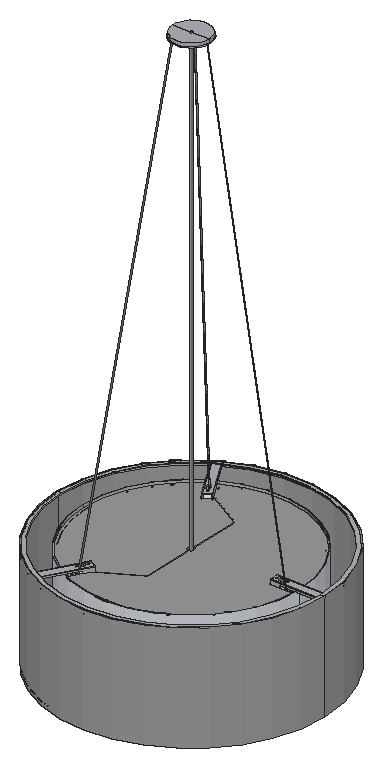
Revit family "Lighting - Lumetta - Pendant - P2042", category Lighting Fixtures, host Ceiling, Revit 2015
Parameters
  Wattage = 11.7117 W
  built-in parameter 1150110 = 1 (stored number, unit not read)
  URL = "https://lumetta.com/luminaires/shadow-drum-42-pendant/"
  Type Comments = ""
  built-in parameter 1114217 = 1 (stored number, unit not read)
  Top Lens-Material [instance] = Acrylic - 2447 - White
  Top Lens (Inner Core) [instance] = yes
  built-in parameter 1150109 = 1 (stored number, unit not read)
  built-in parameter 1150134 = (empty or 0)
  Suspension [instance] = 2
  built-in parameter 1150113 = 1 (stored number, unit not read)
  Stem Hung-ALL Lamping [instance] = Suspension = 3  # no
  P2048 URL [instance] = "https://lumetta.com/luminaires/shadow-drum-42-pendant/"
  Light Source Symbol Size = 0' - 1"
  Fixture Outer Drop [instance] = 6' - 0"
  Diffuser Outer Material [instance] = Glass, Matte
  1CRD-3CBL- LED-4 Wire [instance] = Suspension = 2  # yes
  Coupling-Stems Over 60 inches [instance] = and([Stem Hung-ALL Lamping], Fixture Outer Drop > 5' 0")  # no
  Model = "P2042"  # constant formula
  Manufacturer = "Lumetta, Inc."  # constant formula
  Lumens = 1300 lm
  built-in parameter 1150115 = 1 (stored number, unit not read)
  built-in parameter 1150105 = 103.45 (stored number, unit not read)
  built-in parameter 1150137 = (empty or 0)
  built-in parameter 1150139 = (empty or 0)
  built-in parameter 1150112 = 1 (stored number, unit not read)
  built-in parameter 1150114 = 1 (stored number, unit not read)
  built-in parameter 1150132 = 1
  built-in parameter 1150102 = (empty or 0)
  built-in parameter 1150138 = (empty or 0)
  built-in parameter 1150107 = 3000 (stored number, unit not read)
  built-in parameter 1150106 = 1.0345 (stored number, unit not read)
  Frame Finish [instance] = Paint - Lumetta - F02 - PC_Chrome
  built-in parameter 1150104 = 10.312 (stored number, unit not read)
  Dimming Lamp Color Temperature Shift = (empty or 0)
  Diffuser Inner Material [instance] = none
  Description = "Shadow Drum 42'' Pendant"  # constant formula
  Cord [instance] = or(Suspension = 1, Suspension = 2)  # yes
  Bottom Lens-Material [instance] = Acrylic - P95 - Etched White
  Bottom Lens (Inner Core) [instance] = yes
  3 Cables [instance] = or(Suspension = 1, Suspension = 2)  # yes
  1CRD-3CBL-STD and 2 or 3 Wire [instance] = Suspension = 1  # no
  Cord Color [instance] = Cord, Black
  Color Filter = 16777215
  built-in parameter 1114218 = 1 (stored number, unit not read)
  built-in parameter 1150133 = 10 (stored number, unit not read)
Reference planes (in)
  plane 1 "Light Source Axis (F/B)": y = 0
  plane 2 "Ceiling": z = 96
  plane 3 "Light Source Axis (L/R)": x = 0
  plane 4 "Light Source Elevation": z = 21
  plane 5 "Fixture- Inner Top": z = 23.5
  plane 6 "Fixture-Inner Radius": x = 17
  plane 7 "Fixture-Inner Height": z = 9.5
  plane 8: through (0, 0, 0) normal (-0.5, -0.866, 0)
  plane 9: y = 0
  plane 10: through (0, 0, 0) normal (0.5, -0.866, 0)
  plane 11 "Plane-120": through (-8.5, 14.7224319, 0) normal (0.5, -0.866, 0)
  plane 12 "Plane-240": through (-70.8538291, 21.2775681, 0) normal (0.5, 0.866, 0)
  plane 13: through (0, 0, 0) normal (-0.866, -0.5, 0)
  plane 14: through (0, 0, 0) normal (0.866, -0.5, 0)
  plane 15 "Fixture-Outer Radius": x = 21
  plane 16 "Fixture- Outer Top": z = 24
  plane 17 "Fixture-Outer Height": z = 7
  plane 18: x = 1.9375
Forms (in)
  Revolve 1, solid, material "Paint - Lumetta - F02 - PC_Chrome" <- "Frame Finish", visible <- "3 Cables"
    sketch origin (0, 0, 0) x (1, 0, 0) y (0, 0, 1)
      loop
        line (0, 95.4375) -> (3, 95.4375) -> (3, 95.5) -> (2.8750934, 95.5) -> (2.8750934, 96) -> (0, 96) -> (0, 95.4375)
      axis (0, 96) -> (0, 95.4375)
    angle from 0 to 360
  Extrusion 2, void
    sketch origin (0, 0, 95.4375) x (0, -1, 0) y (1, 0, 0)
      loop
        circle (0, 0) r 0.25
      loop
        circle (0, 2.5) r 0.0627408
      loop
        circle (-2.1650635, -1.25) r 0.0627408
      loop
        circle (2.1650635, -1.25) r 0.0627408
    from 0 to 0.0635795
  Revolve 3, solid, material "Paint - Lumetta - F02 - PC_Chrome" <- "Frame Finish"
    sketch origin (0, 0, 0) x (1, 0, 0) y (0, 0, 1)
      loop
        line (17, 23.5) -> (16.9375, 23.5) -> (16.9375, 23.0625) -> (16.5, 23.0625) -> (16.5, 23) -> (17, 23) -> (17, 23.5)
      loop
        line (17, 10) -> (16.9375, 10) -> (16.9375, 9.5625) -> (16.5, 9.5625) -> (16.5, 9.5) -> (17, 9.5) -> (17, 10)
      axis (0, 23.5) -> (0, 9.5)
    angle from 0 to 360
  Revolve 4, solid, material <- "Diffuser Inner Material"
    sketch origin (0, 0, 0) x (1, 0, 0) y (0, 0, 1)
      loop
        line (17, 23.5) -> (17, 9.4970886) -> (17.0624224, 9.4970886) -> (17.0624224, 23.5) -> (17, 23.5)
      axis (0, 23.5) -> (0, 9.4970886)
    angle from 0 to 360
  Extrusion 5, solid, material "Paint - Lumetta - F02 - PC_Chrome" <- "Frame Finish", visible <- "Stem Hung-ALL Lamping"
    sketch origin (0, 0, 23.5) x (0, -1, 0) y (-1, 0, 0)
      loop
        circle (0, 0) r 0.25
    from 0.625 to -72.5
  Revolve 6, solid, material "Paint - Lumetta - F02 - PC_Chrome" <- "Frame Finish", visible <- "Coupling-Stems Over 60 inches"
    sketch origin (0, 0, 0) x (1, 0, 0) y (0, 0, 1)
      loop
        line (0, 84.0302322) -> (0, 83.5) -> (0.2623307, 83.5)
        arc (0.2623307, 83.5) -> (0.3130741, 83.5507434) -> (0.2623307, 83.6014868) r 0.0507434
        arc (0.2623307, 83.6014868) -> (0.2930443, 83.7649885) -> (0.2624276, 83.9285084) r 0.4512637
        arc (0.2624276, 83.9285084) -> (0.3132895, 83.9793703) -> (0.2624276, 84.0302322) r 0.0508619
        line (0.2624276, 84.0302322) -> (0, 84.0302322)
      axis (0, 84.0302322) -> (0, 83.5)
    angle from 0 to 360
  Revolve 7, solid, material "Paint - Lumetta - F02 - PC_Chrome" <- "Frame Finish", visible <- "Stem Hung-ALL Lamping"
    sketch origin (0, 0, 0) x (1, 0, 0) y (0, 0, 1)
      loop
        line (0, 96) -> (0, 93.40625) -> (0.3498848, 93.40625)
        arc (0.3498848, 93.40625) -> (0.4912375, 93.5441655) -> (0.5811457, 93.72) r 0.6102618
        line (0.5811457, 93.72) -> (3, 93.72) -> (3, 93.78) -> (2.875, 93.78) -> (2.875, 96) -> (0, 96)
      axis (0, 96) -> (0, 93.40625)
    angle from 0 to 360
  Extrusion 8, solid, material "Cord, Black" <- "Cord Color", visible <- "Cord"
    sketch origin (0, 0, 23.5) x (0, -1, 0) y (1, 0, 0)
      loop
        circle (0, 0) r 0.1567371
    from -0.5625411 to 72.5
  Extrusion 9, solid, material "Paint - Lumetta - F02 - PC_Chrome" <- "Frame Finish"
    sketch origin (0, 0, 23.5) x (0, -1, 0) y (1, 0, 0)
      loop
        line (-1, 16.8510341) -> (-1, 15.25) -> (1, 15.25) -> (1, 16.8510341)
        arc (1, 16.8510341) -> (0, 16.8806798) -> (-1, 16.8510341) r 16.8806798
      loop
        circle (0, 15.75) r 0.1105076
      loop
        line (-14.0934237, -9.2915425) -> (-12.7068874, -8.4910254) -> (-13.7068874, -6.7589746) -> (-15.0934237, -7.5594917)
        arc (-15.0934237, -7.5594917) -> (-14.6190976, -8.4403399) -> (-14.0934237, -9.2915425) r 16.8806798
      loop
        circle (-13.6399001, -7.875) r 0.1105076
      loop
        line (15.0934237, -7.5594917) -> (13.7068874, -6.7589746) -> (12.7068874, -8.4910254) -> (14.0934237, -9.2915425)
        arc (14.0934237, -9.2915425) -> (14.6190976, -8.4403399) -> (15.0934237, -7.5594917) r 16.8806798
      loop
        circle (13.6399001, -7.875) r 0.1105076
    from -0.625 to -0.6855081
  Extrusion 10, solid, material "Paint - Lumetta - F11 - PC_White"
    sketch origin (0, 0, 23.5) x (0, -1, 0) y (1, 0, 0)
      loop
        circle (0, 15.75) r 0.1105076
      loop
        line (-0.8933306, 16.2329212) -> (-0.8933306, 14.702706) -> (-13.1795822, -6.577706) -> (-14.5047874, -7.3428136) -> (-13.6114568, -8.8901076) -> (-12.2862516, -8.125) -> (12.2862516, -8.125) -> (13.6114568, -8.8901076) -> (14.5047874, -7.3428136) -> (13.1795822, -6.577706) -> (0.8933306, 14.702706) -> (0.8933306, 16.2329212) -> (-0.8933306, 16.2329212)
      loop
        circle (0, 14.875) r 0.1579615
      loop
        line (9.9592921, -6.75) -> (10.8253175, -5.25) -> (0.8660254, 12) -> (-0.8660254, 12) -> (-10.8253175, -5.25) -> (-9.9592921, -6.75) -> (9.9592921, -6.75)
      loop
        circle (0, 13.5) r 0.1105076
      loop
        circle (-13.6399001, -7.875) r 0.1105076
      loop
        circle (-12.8821279, -7.4375) r 0.1579615
      loop
        circle (-11.691343, -6.75) r 0.1105076
      loop
        circle (13.6399001, -7.875) r 0.1105076
      loop
        circle (12.8821279, -7.4375) r 0.1579615
      loop
        circle (11.691343, -6.75) r 0.1105076
    from -0.7702805 to -0.6855081
  Extrusion 11, solid, material "Acrylic - P95 - Etched White" <- "Bottom Lens-Material", visible <- "Bottom Lens (Inner Core)"
    sketch origin (0, 0, 9.5) x (0, -1, 0) y (1, 0, 0)
      loop
        circle (0, 0) r 16.84375
    from 0.0625 to 0.1967785
  Revolve 12, solid, material "Paint - Lumetta - F02 - PC_Chrome" <- "Frame Finish"
    sketch origin (0, 0, 0) x (1, 0, 0) y (0, 0, 1)
      loop
        line (21, 24) -> (20.375, 24) -> (20.375, 23.875) -> (20.875, 23.875) -> (20.875, 23.375) -> (21, 23.375) -> (21, 24)
      loop
        line (21, 7) -> (21, 7.625) -> (20.875, 7.625) -> (20.875, 7.125) -> (20.375, 7.125) -> (20.375, 7) -> (21, 7)
      axis (0, 24) -> (0, 7)
    angle from 0 to 360
  Revolve 13, solid, material "Glass, Matte" <- "Diffuser Outer Material"
    sketch origin (0, 0, 0) x (1, 0, 0) y (0, 0, 1)
      loop
        line (21, 24) -> (21, 7) -> (21.0331344, 7) -> (21.0331344, 24) -> (21, 24)
      axis (0, 7) -> (0, 24)
    angle from 0 to 360
  Extrusion 14, solid, material "Paint - Lumetta - F02 - PC_Chrome" <- "Frame Finish"
    sketch origin (0, 0, 24) x (-1, 0, 0) y (0, -1, 0)
      loop
        line (-13, -0.6875) -> (-13, 0.6875) -> (-20.875, 0.6875) -> (-20.875, -0.6875) -> (-13, -0.6875)
      loop
        circle (-13.5, 0) r 0.125
      loop
        arc (-15.05013, 0.2129285) -> (-15.2187456, 0.001395) -> (-15.0528417, -0.2122718) r 0.21875
        line (-15.0528417, -0.2122718) -> (-14.3395275, -0.3802272)
        arc (-14.3395275, -0.3802272) -> (-13.8593751, 0.000321) -> (-14.3401523, 0.3800795) r 0.390625
        line (-14.3401523, 0.3800795) -> (-15.05013, 0.2129285)
      loop
        line (7.0953925, -10.9145802) -> (5.9046075, -11.6020802) -> (9.8421075, -18.4220303) -> (11.0328925, -17.7345303) -> (7.0953925, -10.9145802)
      loop
        circle (6.75, -11.691343) r 0.125
      loop
        arc (7.3406635, -13.1402592) -> (7.6081647, -13.1805178) -> (7.7102536, -12.9300074) r 0.21875
        line (7.7102536, -12.9300074) -> (7.4990501, -12.2282815)
        arc (7.4990501, -12.2282815) -> (6.9294095, -12.0027315) -> (6.8409176, -12.608976) r 0.390625
        line (6.8409176, -12.608976) -> (7.3406635, -13.1402592)
      loop
        line (5.9046075, 11.6020802) -> (7.0953925, 10.9145802) -> (11.0328925, 17.7345303) -> (9.8421075, 18.4220303) -> (5.9046075, 11.6020802)
      loop
        circle (6.75, 11.691343) r 0.125
      loop
        arc (7.7094665, 12.9273307) -> (7.6105809, 13.1791228) -> (7.3425881, 13.1422792) r 0.21875
        line (7.3425881, 13.1422792) -> (6.8404773, 12.6085087)
        arc (6.8404773, 12.6085087) -> (6.9299656, 12.0024104) -> (7.4992347, 12.2288964) r 0.390625
        line (7.4992347, 12.2288964) -> (7.7094665, 12.9273307)
    from -0.1999185 to -0.125
  Sweep 15, solid, material "Steel, Galvanized", visible <- "3 Cables"
    path origin (0, 0, 0) x (-0.5, 0.866025, 0) y (0, 0, 1)
      loop
        line (2.5, 95.5010795) -> (14.875, 22.8144919)
    profile origin (-4.34375, 7.5235957, 59.1577857) x (-0.492907, 0.853741, 0.167836) y (0.866025, 0.5, 0)
      loop
        circle (0, 0) r 0.0308309
  Sweep 16, solid, material "Steel, Galvanized", visible <- "3 Cables"
    path origin (0, 0, 0) x (-0.5, -0.866025, 0) y (0, 0, 1)
      loop
        line (2.5, 95.5010795) -> (14.875, 22.8144919)
    profile origin (-4.34375, -7.5235957, 59.1577857) x (-0.492907, -0.853741, 0.167836) y (-0.866025, 0.5, 0)
      loop
        circle (0, 0) r 0.0308309
  Revolve 17, solid, material "Paint - Lumetta - F02 - PC_Chrome" <- "Frame Finish", visible <- "Stem Hung-ALL Lamping"
    sketch origin (0, 0, 0) x (1, 0, 0) y (0, 0, 1)
      loop
        arc (1.9375, 93.3381775) -> (2.1340817, 93.4923308) -> (2.03125, 93.72) r 0.2024206
        line (2.03125, 93.72) -> (1.9375, 93.72) -> (1.9375, 93.3381775)
      axis (1.9375, 93.72) -> (1.9375, 93.3381775)
    angle from 0 to 360
  Revolve 18, solid, material "Paint - Lumetta - F02 - PC_Chrome" <- "Frame Finish", visible <- "Stem Hung-ALL Lamping"
    sketch origin (0, 0, 0) x (-1, 0, 0) y (0, 0, 1)
      loop
        arc (1.9375, 93.3381775) -> (2.1340817, 93.4923308) -> (2.03125, 93.72) r 0.2024206
        line (2.03125, 93.72) -> (1.9375, 93.72) -> (1.9375, 93.3381775)
      axis (1.9375, 93.72) -> (1.9375, 93.3381775)
    angle from 0 to 360
  Revolve 19, solid, material "Paint - Lumetta - F02 - PC_Chrome" <- "Frame Finish", visible <- "1CRD-3CBL- LED-4 Wire"
    sketch origin (0, 0, 1.7175) x (1, 0, 0) y (0, 0, 1)
      loop
        arc (1.9375, 93.3381775) -> (2.1340817, 93.4923308) -> (2.03125, 93.72) r 0.2024206
        line (2.03125, 93.72) -> (1.9375, 93.72) -> (1.9375, 93.3381775)
      axis (1.9375, 93.72) -> (1.9375, 93.3381775)
    angle from 0 to 360
  Revolve 20, solid, material "Paint - Lumetta - F02 - PC_Chrome" <- "Frame Finish", visible <- "1CRD-3CBL- LED-4 Wire"
    sketch origin (0, 0, 1.7175) x (-1, 0, 0) y (0, 0, 1)
      loop
        arc (1.9375, 93.3381775) -> (2.1340817, 93.4923308) -> (2.03125, 93.72) r 0.2024206
        line (2.03125, 93.72) -> (1.9375, 93.72) -> (1.9375, 93.3381775)
      axis (1.9375, 93.72) -> (1.9375, 93.3381775)
    angle from 0 to 360
  Revolve 21, solid, material "Paint - Lumetta - F02 - PC_Chrome" <- "Frame Finish", visible <- "1CRD-3CBL- LED-4 Wire"
    sketch origin (0, 0, 0) x (1, 0, 0) y (0, 0, 1)
      loop
        line (0, 95.4375) -> (0, 95.311234) -> (0.375, 95.311234) -> (0.375, 95.4375) -> (0, 95.4375)
      axis (0, 95.4375) -> (0, 95.311234)
    angle from 0 to 360
  Revolve 22, solid, material "Paint - Lumetta - F02 - PC_Chrome" <- "Frame Finish", visible <- "1CRD-3CBL-STD and 2 or 3 Wire"
    sketch origin (0, 0, 0) x (1, 0, 0) y (0, 0, 1)
      loop
        line (0, 95.4375) -> (0, 94.9375) -> (0.2830918, 94.9375) -> (0.375, 95.4375) -> (0, 95.4375)
      axis (0, 95.4375) -> (0, 94.9375)
    angle from 0 to 360
  Extrusion 23, solid, material "Paint - Lumetta - F02 - PC_Chrome" <- "Frame Finish"
    sketch origin (0, 0, 23.5) x (0, -1, 0) y (1, 0, 0)
      loop
        line (-0.6875, 13) -> (-0.625, 13) -> (-0.625, 20.8673672) -> (-0.6875, 20.8673672) -> (-0.6875, 13)
      loop
        line (0.6875, 13) -> (0.6875, 20.8673672) -> (0.625, 20.8673672) -> (0.625, 13) -> (0.6875, 13)
      loop
        line (-10.9145802, -7.0953925) -> (-10.9458302, -7.0412659) -> (-17.7591701, -10.9749495) -> (-17.7279201, -11.0290761) -> (-10.9145802, -7.0953925)
      loop
        line (-11.6020802, -5.9046075) -> (-18.4154201, -9.8382911) -> (-18.3841701, -9.8924177) -> (-11.5708302, -5.9587341) -> (-11.6020802, -5.9046075)
      loop
        line (11.6020802, -5.9046075) -> (11.5708302, -5.9587341) -> (18.3841701, -9.8924177) -> (18.4154201, -9.8382911) -> (11.6020802, -5.9046075)
      loop
        line (10.9145802, -7.0953925) -> (17.7279201, -11.0290761) -> (17.7591701, -10.9749495) -> (10.9458302, -7.0412659) -> (10.9145802, -7.0953925)
    from 0 to 0.375
  Extrusion 24, solid, material "Paint - Lumetta - F02 - PC_Chrome" <- "Frame Finish"
    sketch origin (0, 0, 23.5) x (0, -1, 0) y (1, 0, 0)
      loop
        line (-0.6875, 13) -> (-0.625, 13) -> (-0.625, 14.5) -> (-0.6875, 14.5) -> (-0.6875, 13)
      loop
        line (0.6875, 13) -> (0.6875, 14.5) -> (0.625, 14.5) -> (0.625, 13) -> (0.6875, 13)
      loop
        line (-10.9145802, -7.0953925) -> (-10.9458302, -7.0412659) -> (-12.2448684, -7.7912659) -> (-12.2136184, -7.8453925) -> (-10.9145802, -7.0953925)
      loop
        line (-11.6020802, -5.9046075) -> (-12.9011184, -6.6546075) -> (-12.8698684, -6.7087341) -> (-11.5708302, -5.9587341) -> (-11.6020802, -5.9046075)
      loop
        line (11.6020802, -5.9046075) -> (11.5708302, -5.9587341) -> (12.8698684, -6.7087341) -> (12.9011184, -6.6546075) -> (11.6020802, -5.9046075)
      loop
        line (10.9145802, -7.0953925) -> (12.2136184, -7.8453925) -> (12.2448684, -7.7912659) -> (10.9458302, -7.0412659) -> (10.9145802, -7.0953925)
    from -0.625 to 0
  Sweep 25, solid, material "Steel, Galvanized", visible <- "3 Cables"
    path origin (0, 0, 0) x (1, 0, 0) y (0, 0, 1)
      loop
        line (2.5, 95.5010795) -> (14.875, 22.8144919)
    profile origin (8.6875, 0, 59.1577857) x (0.985815, 0, 0.167836) y (0, -1, 0)
      loop
        circle (0, 0) r 0.0308309
  Extrusion 26, solid, material "Paint - Lumetta - F11 - PC_White"
    sketch origin (0, 0, 23.5) x (0, -1, 0) y (1, 0, 0)
      loop
        circle (0, 0) r 0.2816644
      loop
        line (-10.1036297, -1.25) -> (10.1036297, -1.25) -> (8.660254, 1.25) -> (-8.660254, 1.25) -> (-10.1036297, -1.25)
    from -0.7702805 to -0.6855081
  Extrusion 27, solid, material "Acrylic - 2447 - White" <- "Top Lens-Material", visible <- "Top Lens (Inner Core)"
    sketch origin (0, 0, 23.5) x (0, -1, 0) y (1, 0, 0)
      loop
        line (-12.0915433, -6.1150304) -> (-8.5249445, 0.0625) -> (-0.4960784, 0.0625)
        arc (-0.4960784, 0.0625) -> (0, 0.5) -> (0.4960784, 0.0625) r 0.5
        line (0.4960784, 0.0625) -> (8.5249445, 0.0625) -> (12.0915433, -6.1150304) -> (14.8126141, -7.6860414)
        arc (14.8126141, -7.6860414) -> (14.9290967, -7.6997843) -> (15.0191913, -7.6246841) r 0.1484375
        arc (15.0191913, -7.6246841) -> (14.5871154, 8.421875) -> (0.9064255, 16.8193432) r 16.84375
        arc (0.9064255, 16.8193432) -> (0.7963396, 16.7788692) -> (0.75, 16.6711208) r 0.1484375
        line (0.75, 16.6711208) -> (0.75, 13.0546875)
        arc (0.75, 13.0546875) -> (0.7065237, 12.9497263) -> (0.6015625, 12.90625) r 0.1484375
        line (0.6015625, 12.90625) -> (-0.6015625, 12.90625)
        arc (-0.6015625, 12.90625) -> (-0.7065237, 12.9497263) -> (-0.75, 13.0546875) r 0.1484375
        line (-0.75, 13.0546875) -> (-0.75, 16.6711208)
        arc (-0.75, 16.6711208) -> (-0.7963396, 16.7788692) -> (-0.9064255, 16.8193432) r 0.1484375
        arc (-0.9064255, 16.8193432) -> (-14.5871154, 8.421875) -> (-15.0191913, -7.6246841) r 16.84375
        arc (-15.0191913, -7.6246841) -> (-14.9290967, -7.6997843) -> (-14.8126141, -7.6860414) r 0.1484375
        line (-14.8126141, -7.6860414) -> (-12.0915433, -6.1150304)
      loop
        line (-11.6597726, -5.6171815) -> (-10.8763591, -6.9740934)
        arc (-10.8763591, -6.9740934) -> (-10.8615301, -7.0867306) -> (-10.930691, -7.1768628) r 0.1484375
        line (-10.930691, -7.1768628) -> (-14.0626141, -8.9850795)
        arc (-14.0626141, -8.9850795) -> (-14.1327572, -9.0790849) -> (-14.1127658, -9.1946591) r 0.1484375
        arc (-14.1127658, -9.1946591) -> (0, -16.84375) -> (14.1127658, -9.1946591) r 16.84375
        arc (14.1127658, -9.1946591) -> (14.1327572, -9.0790849) -> (14.0626141, -8.9850795) r 0.1484375
        line (14.0626141, -8.9850795) -> (10.930691, -7.1768628)
        arc (10.930691, -7.1768628) -> (10.8615301, -7.0867306) -> (10.8763591, -6.9740934) r 0.1484375
        line (10.8763591, -6.9740934) -> (11.6597726, -5.6171815) -> (8.4527757, -0.0625) -> (0.4960784, -0.0625)
        arc (0.4960784, -0.0625) -> (0, -0.5) -> (-0.4960784, -0.0625) r 0.5
        line (-0.4960784, -0.0625) -> (-8.4527757, -0.0625) -> (-11.6597726, -5.6171815)
    from -0.4375 to -0.3013251
Cuts and joins
  joined: Extrusion 23, Extrusion 24
  joined: Extrusion 10, Extrusion 26
Dimensions and locks (in)
  equal spacing: host sketch curve, plane 3 "Light Source Axis (L/R)", host sketch curve
  equal spacing: host sketch curve, plane 1 "Light Source Axis (F/B)", host sketch curve
  host sketch curve to host sketch curve = 10' - 0"  (x2)
  locked: plane 5 "Fixture- Inner Top" to plane 4 "Light Source Elevation" at 2.5
  locked: plane 6 "Fixture-Inner Radius" to plane 3 "Light Source Axis (L/R)" at 17
  locked: plane 5 "Fixture- Inner Top" to plane 7 "Fixture-Inner Height" at 14
  locked: Revolve 1 sketch curve to plane 3 "Light Source Axis (L/R)" at 2.8750934
  locked: Revolve 1 sketch curve to plane 3 "Light Source Axis (L/R)" at 3
  locked: Extrusion 2 sketch curve to Extrusion 2 sketch curve at 2.5
  locked: plane 6 "Fixture-Inner Radius" to Revolve 3 sketch curve at 0.0625
  locked: Revolve 4 sketch curve to plane 6 "Fixture-Inner Radius" at 0.0624224
  Revolve 3 to Revolve 4 = 0' - 0.06541"
  locked: Extrusion 5 sketch curve to imposter light
  locked: Extrusion 5 sketch curve to imposter light at 0
  Revolve 6 sketch curve to Revolve 6 sketch curve = 0' - 0.15822"
  locked: Revolve 6 sketch curve to Revolve 4 at 60
  locked: Revolve 6 sketch curve to Revolve 6 sketch curve at 0.5302322
  locked: Revolve 6 sketch curve to Revolve 6 sketch curve at 0.2624276
  locked: Revolve 6 sketch curve to Revolve 6 sketch curve at 0.2623307
  locked: Revolve 6 sketch curve to Revolve 6 sketch curve at 0.0507434
  locked: Revolve 6 sketch curve to Revolve 6 sketch curve at 0.4793703
  locked: Revolve 6 sketch curve to Revolve 6 sketch curve at 0.2651223
  locked: Revolve 7 sketch curve to Revolve 7 sketch curve at 2.875
  locked: Revolve 7 sketch curve to Revolve 7 sketch curve at 0.31375
  Revolve 3 sketch curve to plane 7 "Fixture-Inner Height" = 0' - 0 1/2"
  plane 6 "Fixture-Inner Radius" to Revolve 3 sketch curve = 0' - 0 1/16"
  locked: plane 6 "Fixture-Inner Radius" to Revolve 3 sketch curve at 0.5
  locked: Revolve 1 sketch curve to Revolve 1 sketch curve at 0.0625
  locked: host ceiling to Revolve 1 sketch curve at 0.5625
  locked: Revolve 1 sketch curve to Revolve 1 sketch curve at 0.5625
  locked: Revolve 1 sketch curve to Revolve 1 sketch curve at 3
  Revolve 1 sketch curve to Revolve 1 sketch curve = 0' - 2.87509"
  Extrusion 9 sketch curve to plane 6 "Fixture-Inner Radius" = 0' - 1 3/4"
  locked: plane 10 to plane 11 "Plane-120" at 17
  locked: plane 12 "Plane-240" to plane 8 at 17
  locked: plane 10 to Extrusion 2 sketch curve at 2.5
  locked: Extrusion 2 sketch curve to plane 8 at 2.5
  locked: Extrusion 10 sketch curve to Extrusion 10 sketch curve at 1.375
  Extrusion 11 to plane 7 "Fixture-Inner Height" = 0' - 0.19678"
  locked: plane 15 "Fixture-Outer Radius" to plane 3 "Light Source Axis (L/R)" at 21
  "Fixture Outer Drop": plane 2 "Ceiling" to plane 16 "Fixture- Outer Top"
  locked: plane 16 "Fixture- Outer Top" to plane 5 "Fixture- Inner Top" at 0.5
  locked: plane 16 "Fixture- Outer Top" to plane 17 "Fixture-Outer Height" at 17
  locked: Revolve 12 sketch curve to plane 17 "Fixture-Outer Height" at 0
  locked: Revolve 12 sketch curve to plane 15 "Fixture-Outer Radius" at 0  (x2)
  locked: Revolve 12 sketch curve to Revolve 12 sketch curve at 0.125  (x4)
  locked: plane 15 "Fixture-Outer Radius" to Revolve 12 sketch curve at 0.625
  locked: Revolve 13 sketch curve to plane 15 "Fixture-Outer Radius" at 0
  locked: plane 15 "Fixture-Outer Radius" to Revolve 13 sketch curve at 0.0331344
  locked: Revolve 13 sketch curve to plane 16 "Fixture- Outer Top" at 0
  locked: Revolve 13 sketch curve to plane 17 "Fixture-Outer Height" at 0
  locked: Revolve 12 sketch curve to Revolve 13 at 0.625
  locked: Revolve 13 to plane 16 "Fixture- Outer Top" at 0
  locked: Revolve 12 sketch curve to Revolve 12 sketch curve at 0.625  (x2)
  locked: Extrusion 10 to Extrusion 10 at 0.0847724
  locked: Extrusion 14 sketch curve to Extrusion 14 sketch curve at 1.375  (x3)
  equal spacing: Extrusion 14 sketch curve, plane 9, Extrusion 14 sketch curve, locked at 0.6875 each
  Extrusion 14 sketch curve to plane 15 "Fixture-Outer Radius" = 0' - 0 1/8"
  Extrusion 14 sketch curve to Extrusion 14 sketch curve = 0' - 7 7/8"
  Extrusion 14 sketch curve to plane 9 = 0' - 0"
  Extrusion 14 sketch curve to Extrusion 14 sketch curve = 0' - 0 1/2"
  equal spacing: Extrusion 10 sketch curve, plane 9, Extrusion 10 sketch curve
  locked: Extrusion 14 sketch curve to Extrusion 14 sketch curve at 0.75  (x3)
  equal spacing: Extrusion 9 sketch curve, plane 9, Extrusion 9 sketch curve
  locked: Extrusion 9 sketch curve to plane 6 "Fixture-Inner Radius" at 1.75
  locked: Extrusion 9 sketch curve to Extrusion 9 sketch curve at 0.5  (x3)
  locked: plane 3 "Light Source Axis (L/R)" to Extrusion 9 sketch curve
  locked: plane 16 "Fixture- Outer Top" to Extrusion 14 at 0.1999185
  Revolve 7 to Revolve 17 sketch curve = 0' - 0"
  locked: Revolve 1 to Revolve 22 sketch curve at 0.5
  locked: Revolve 22 sketch curve to Revolve 22 sketch curve at 0.278427
  locked: Revolve 22 sketch curve to plane 3 "Light Source Axis (L/R)" at 0.375
  locked: Extrusion 23 to plane 5 "Fixture- Inner Top" at 0.375
  locked: Extrusion 14 to Extrusion 23 sketch curve  (x2)
  locked: Extrusion 23 sketch curve to Extrusion 14 at 0.0076328  (x2)
  Extrusion 23 to Extrusion 24 sketch curve = 0' - 1 1/2"
  locked: Extrusion 23 to Extrusion 24 sketch curve at 1.5
  Extrusion 10 sketch curve to plane 3 "Light Source Axis (L/R)" = 0' - 6 3/4"
  plane 8 to Extrusion 10 sketch curve = 0' - 6 3/4"
  plane 10 to Extrusion 10 sketch curve = 0' - 6 3/4"
  plane 3 "Light Source Axis (L/R)" to Extrusion 10 sketch curve = 1' - 0"
  Extrusion 10 sketch curve to Extrusion 10 sketch curve = 0' - 1.78666"
  Extrusion 14 sketch curve to Extrusion 14 sketch curve = 0' - 1 3/8"
  Extrusion 9 sketch curve to Extrusion 9 sketch curve = 0' - 2"
  locked: Extrusion 26 sketch curve to plane 3 "Light Source Axis (L/R)" at 1.25
  locked: plane 3 "Light Source Axis (L/R)" to Extrusion 26 sketch curve at 1.25
  locked: Extrusion 10 to Extrusion 10 at 1.375
  Extrusion 10 to Extrusion 26 sketch curve = 0' - 1 3/8"
  locked: plane 5 "Fixture- Inner Top" to Revolve 3 sketch curve at 0.5
  locked: Extrusion 11 to Revolve 3 at 0.1342785
  locked: Extrusion 27 sketch curve to Extrusion 27 sketch curve at 0.125  (x2)
  plane 8 to Extrusion 27 sketch curve = 0' - 7 53/128"
  Extrusion 27 sketch curve to plane 3 "Light Source Axis (L/R)" = 0' - 0 1/16"
  plane 3 "Light Source Axis (L/R)" to Extrusion 27 sketch curve = 0' - 0 1/16"
  equal spacing: Extrusion 27 sketch curve, plane 9, Extrusion 27 sketch curve, locked at 0.75 each
  Extrusion 27 sketch curve to plane 6 "Fixture-Inner Radius" = 0' - 4 3/32"
  Extrusion 27 sketch curve to Extrusion 27 sketch curve = 0' - 1 1/2"
  locked: Extrusion 27 to Revolve 3 at 0.1361749
  locked: Extrusion 11 sketch curve to Extrusion 11 sketch curve (radius 1' - 4 27/32")
  aligned and locked: plane 3 "Light Source Axis (L/R)" to imposter light
  aligned and locked: plane 1 "Light Source Axis (F/B)" to imposter light
  aligned and locked: plane 4 "Light Source Elevation" to imposter light
  aligned and locked: Revolve 4 sketch curve to plane 3 "Light Source Axis (L/R)"
  aligned and locked: Revolve 6 sketch curve to Revolve 6 sketch curve  (x2)
  aligned and locked: host ceiling to Extrusion 5
  aligned and locked: Extrusion 10 to Extrusion 9
  aligned and locked: host ceiling to Extrusion 8
  aligned and locked: Revolve 12 sketch curve to plane 3 "Light Source Axis (L/R)"
  aligned and locked: Revolve 13 sketch curve to plane 3 "Light Source Axis (L/R)"
  aligned and locked: Extrusion 14 to Revolve 12
  aligned and locked: Revolve 17 sketch curve to plane 18
  aligned and locked: plane 5 "Fixture- Inner Top" to Extrusion 23
  aligned and locked: Extrusion 24 to plane 5 "Fixture- Inner Top"
  aligned and locked: Extrusion 10 to Extrusion 26  (x2)
  aligned and locked: Extrusion 11 to Revolve 3
  aligned and locked: Extrusion 27 to Revolve 3
Automatic sketch dimensions
  Revolve 7 sketch curve to plane 3 "Light Source Axis (L/R)" = 0' - 0"  (x3)
  Revolve 7 sketch curve to plane 2 "Ceiling" = 0' - 0"
  plane 3 "Light Source Axis (L/R)" to Revolve 7 sketch curve = 0' - 0.34988"
  Revolve 7 sketch curve to Revolve 7 sketch curve = 0' - 0.23126"
  Revolve 7 sketch curve to Revolve 7 sketch curve = 0' - 0 1/8"
  Revolve 7 sketch curve to plane 2 "Ceiling" = 0' - 2 3/32"
  Revolve 7 sketch curve to Revolve 7 sketch curve = 0' - 0.06"
  plane 2 "Ceiling" to Revolve 7 sketch curve = 0' - 1 3/4"
  Revolve 7 sketch curve to Revolve 7 sketch curve = 0' - 2 1/2"
  plane 1 "Light Source Axis (F/B)" to Extrusion 8 sketch curve = 0' - 0"
  Extrusion 8 sketch curve to plane 3 "Light Source Axis (L/R)" = 0' - 0"
  plane 1 "Light Source Axis (F/B)" to Extrusion 11 sketch curve = 0' - 0"
  Extrusion 11 sketch curve to plane 3 "Light Source Axis (L/R)" = 0' - 0"
  Revolve 13 sketch curve to plane 17 "Fixture-Outer Height" = 0' - 1 1/2"
  Revolve 13 sketch curve to level = 1' - 0"
  Revolve 17 sketch curve to plane 18 = 0' - 0"
  plane 18 to Revolve 17 sketch curve = 0' - 0 3/32"
  Revolve 17 sketch curve to Revolve 17 sketch curve = 0' - 0.1794"
  Revolve 17 sketch curve to Revolve 17 sketch curve = 0' - 0.90349"
  plane 2 "Ceiling" to Revolve 17 sketch curve = 0' - 0.68468"
  plane 3 "Light Source Axis (L/R)" to Revolve 18 sketch curve = 0' - 1 15/16"
  Revolve 18 sketch curve to Revolve 18 sketch curve = 0' - 0 3/32"
  plane 2 "Ceiling" to Revolve 18 sketch curve = 0' - 2.66182"
  Revolve 18 sketch curve to Revolve 18 sketch curve = 0' - 0.20242"
  Revolve 18 sketch curve to Revolve 18 sketch curve = 0' - 0"
  Revolve 18 sketch curve to Revolve 18 sketch curve = 0' - 0.90349"
  Revolve 18 sketch curve to plane 2 "Ceiling" = 0' - 0.68468"
  Revolve 19 sketch curve to plane 18 = 0' - 0"  (x2)
  plane 18 to Revolve 19 sketch curve = 0' - 0 3/32"
  Revolve 19 sketch curve to plane 2 "Ceiling" = 0' - 0.94432"
  Revolve 19 sketch curve to Revolve 19 sketch curve = 0' - 0.20242"
  Revolve 19 sketch curve to Revolve 19 sketch curve = 0' - 0.90349"
  plane 2 "Ceiling" to Revolve 19 sketch curve = 0' - 2.40218"
  plane 2 "Ceiling" to Revolve 20 sketch curve = 0' - 0.7419"
  plane 3 "Light Source Axis (L/R)" to Revolve 20 sketch curve = 0' - 1 15/16"
  Revolve 20 sketch curve to Revolve 20 sketch curve = 0' - 0 3/32"
  Revolve 20 sketch curve to Revolve 20 sketch curve = 0' - 0.20242"
  Revolve 20 sketch curve to Revolve 20 sketch curve = 0' - 0"
  Revolve 20 sketch curve to Revolve 20 sketch curve = 0' - 0.90349"
  Revolve 20 sketch curve to plane 2 "Ceiling" = 0' - 2.40218"
  Revolve 21 sketch curve to plane 3 "Light Source Axis (L/R)" = 0' - 0"  (x2)
  plane 3 "Light Source Axis (L/R)" to Revolve 21 sketch curve = 0' - 0 3/8"
  Revolve 21 sketch curve to plane 2 "Ceiling" = 0' - 0.68877"
  Revolve 21 sketch curve to Revolve 21 sketch curve = 0' - 0.12627"
  Revolve 21 sketch curve to Revolve 21 sketch curve = 0' - 0.21888"
  Revolve 21 sketch curve to plane 2 "Ceiling" = 0' - 0.22322"
  plane 1 "Light Source Axis (F/B)" to Extrusion 14 sketch curve = 0' - 0"  (x2)
  Extrusion 14 sketch curve to plane 14 = 0' - 0"  (x3)
  Extrusion 14 sketch curve to plane 13 = 0' - 0"  (x3)
  Extrusion 14 sketch curve to plane 1 "Light Source Axis (F/B)" = 0' - 0.21227"
  Extrusion 14 sketch curve to Extrusion 14 sketch curve = 0' - 1.55284"
  plane 1 "Light Source Axis (F/B)" to Extrusion 14 sketch curve = 0' - 0.21293"
  Extrusion 14 sketch curve to Extrusion 14 sketch curve = 0' - 0.00271"
  plane 1 "Light Source Axis (F/B)" to Extrusion 14 sketch curve = 0' - 0.38008"
  Extrusion 14 sketch curve to Extrusion 14 sketch curve = 0' - 0.09015"
  Extrusion 14 sketch curve to plane 1 "Light Source Axis (F/B)" = 0' - 0.38023"
  Extrusion 14 sketch curve to plane 3 "Light Source Axis (L/R)" = 0' - 5.90461"  (x2)
  Extrusion 14 sketch curve to Extrusion 14 sketch curve = 0' - 0.84539"  (x2)
  Extrusion 14 sketch curve to Extrusion 14 sketch curve = 0' - 0.09048"
  Extrusion 14 sketch curve to Extrusion 14 sketch curve = 0' - 0.09092"
  Extrusion 14 sketch curve to Extrusion 14 sketch curve = 0' - 0.34539"  (x2)
  Extrusion 14 sketch curve to Extrusion 14 sketch curve = 0' - 0.28452"
  Extrusion 14 sketch curve to Extrusion 14 sketch curve = 0' - 0.28408"
  Extrusion 14 sketch curve to Extrusion 14 sketch curve = 0' - 0.15934"
  Extrusion 14 sketch curve to Extrusion 14 sketch curve = 0' - 0.15741"
  Extrusion 14 sketch curve to Extrusion 14 sketch curve = 0' - 0.37405"
  Extrusion 14 sketch curve to Extrusion 14 sketch curve = 0' - 0.37423"
  Extrusion 14 sketch curve to Extrusion 14 sketch curve = 0' - 0.20947"
  Extrusion 14 sketch curve to Extrusion 14 sketch curve = 0' - 0.21025"
  Extrusion 14 sketch curve to Extrusion 14 sketch curve = 0' - 2.49952"
  Extrusion 14 sketch curve to Extrusion 14 sketch curve = 0' - 2.50144"
  Extrusion 14 sketch curve to Extrusion 14 sketch curve = 0' - 0.14988"
  Extrusion 14 sketch curve to Extrusion 14 sketch curve = 0' - 4.80452"
  Extrusion 14 sketch curve to Extrusion 14 sketch curve = 0' - 0.26811"
  Extrusion 14 sketch curve to Extrusion 14 sketch curve = 0' - 0.77676"
  Extrusion 14 sketch curve to Extrusion 14 sketch curve = 0' - 0.11197"
  Extrusion 14 sketch curve to Extrusion 14 sketch curve = 0' - 0.06305"
  Extrusion 23 sketch curve to plane 1 "Light Source Axis (F/B)" = 1' - 6.41542"
  Extrusion 23 sketch curve to plane 3 "Light Source Axis (L/R)" = 0' - 9.89242"
  Extrusion 23 sketch curve to Extrusion 23 sketch curve = 0' - 0 1/32"  (x4)
  Extrusion 23 sketch curve to Extrusion 23 sketch curve = 0' - 0 5/8"  (x4)
  Extrusion 23 sketch curve to plane 3 "Light Source Axis (L/R)" = 0' - 11.02908"
  Extrusion 23 sketch curve to Extrusion 23 sketch curve = 0' - 6.81334"  (x2)
  Extrusion 23 sketch curve to plane 1 "Light Source Axis (F/B)" = 0' - 0 11/16"
  Extrusion 23 sketch curve to Extrusion 23 sketch curve = 0' - 0 1/16"  (x2)
  plane 1 "Light Source Axis (F/B)" to Extrusion 23 sketch curve = 0' - 0 5/8"
  plane 1 "Light Source Axis (F/B)" to Extrusion 23 sketch curve = 0' - 10.91458"
  Extrusion 23 sketch curve to plane 3 "Light Source Axis (L/R)" = 0' - 7.04127"
  Extrusion 23 sketch curve to plane 3 "Light Source Axis (L/R)" = 0' - 5.90461"
  Extrusion 23 sketch curve to Extrusion 23 sketch curve = 0' - 3.98781"
  Extrusion 23 sketch curve to Extrusion 23 sketch curve = 0' - 0.05413"  (x2)
  Extrusion 23 sketch curve to Extrusion 23 sketch curve = 0' - 1.08253"
  Extrusion 9 sketch curve to Extrusion 9 sketch curve = 0' - 0"  (x5)
  Extrusion 9 sketch curve to plane 13 = 0' - 0"
  plane 1 "Light Source Axis (F/B)" to Extrusion 9 sketch curve = 0' - 0"  (x2)
  Extrusion 9 sketch curve to plane 14 = 0' - 0"
  Extrusion 9 sketch curve to plane 6 "Fixture-Inner Radius" = 0' - 0.14897"
  Extrusion 9 sketch curve to plane 1 "Light Source Axis (F/B)" = 0' - 1"
  Extrusion 9 sketch curve to plane 1 "Light Source Axis (F/B)" = 1' - 0.70689"
  Extrusion 9 sketch curve to Extrusion 9 sketch curve = 0' - 0.93301"  (x2)
  Extrusion 9 sketch curve to plane 3 "Light Source Axis (L/R)" = 0' - 6.75897"  (x2)
  Extrusion 9 sketch curve to Extrusion 9 sketch curve = 0' - 0.06699"  (x2)
  Extrusion 9 sketch curve to plane 3 "Light Source Axis (L/R)" = 0' - 9.29154"  (x2)
  plane 1 "Light Source Axis (F/B)" to Extrusion 9 sketch curve = 1' - 0.70689"
  Extrusion 24 sketch curve to plane 1 "Light Source Axis (F/B)" = 1' - 0.90112"
  Extrusion 24 sketch curve to plane 3 "Light Source Axis (L/R)" = 0' - 6.70873"
  Extrusion 24 sketch curve to Extrusion 24 sketch curve = 0' - 0 1/32"  (x4)
  Extrusion 24 sketch curve to Extrusion 24 sketch curve = 0' - 0 5/8"  (x4)
  Extrusion 24 sketch curve to plane 3 "Light Source Axis (L/R)" = 0' - 7.84539"
  Extrusion 24 sketch curve to Extrusion 24 sketch curve = 0' - 1.29904"  (x2)
  Extrusion 24 sketch curve to plane 1 "Light Source Axis (F/B)" = 0' - 0 11/16"
  Extrusion 24 sketch curve to Extrusion 24 sketch curve = 0' - 0 1/16"  (x2)
  plane 1 "Light Source Axis (F/B)" to Extrusion 24 sketch curve = 0' - 0 5/8"
  plane 1 "Light Source Axis (F/B)" to Extrusion 24 sketch curve = 0' - 10.91458"
  Extrusion 24 sketch curve to plane 3 "Light Source Axis (L/R)" = 0' - 7.04127"
  Extrusion 24 sketch curve to plane 3 "Light Source Axis (L/R)" = 0' - 5.90461"
  Extrusion 24 sketch curve to Extrusion 24 sketch curve = 0' - 0.80413"
  Extrusion 24 sketch curve to Extrusion 24 sketch curve = 0' - 0.05413"  (x2)
  Extrusion 24 sketch curve to Extrusion 24 sketch curve = 0' - 1.08253"
  Extrusion 24 sketch curve to Extrusion 24 sketch curve = 0' - 1 1/2"
  Extrusion 24 sketch curve to Extrusion 24 sketch curve = 0' - 0"
  Revolve 1 sketch curve to plane 3 "Light Source Axis (L/R)" = 0' - 0"
  Revolve 1 sketch curve to Revolve 1 sketch curve = 0' - 0"
  Revolve 1 sketch curve to Revolve 1 sketch curve = 0' - 9 3/4"
  Extrusion 2 sketch curve to Revolve 1 = 0' - 0"
  Revolve 1 to Extrusion 2 sketch curve = 0' - 2.16506"
  Extrusion 2 sketch curve to Revolve 1 = 0' - 2.16506"
  plane 3 "Light Source Axis (L/R)" to Revolve 3 sketch curve = 0' - 0"
  Revolve 3 sketch curve to plane 7 "Fixture-Inner Height" = 0' - 0"
  Revolve 3 sketch curve to plane 5 "Fixture- Inner Top" = 0' - 0"
  Revolve 3 sketch curve to plane 6 "Fixture-Inner Radius" = 0' - 0"  (x2)
  Revolve 3 sketch curve to plane 7 "Fixture-Inner Height" = 0' - 0 1/16"
  Revolve 3 sketch curve to Revolve 3 sketch curve = 0' - 0 7/16"
  Revolve 3 sketch curve to Revolve 3 sketch curve = 0' - 0 1/16"
  Revolve 3 sketch curve to level = 0' - 10"
  Revolve 3 sketch curve to plane 2 "Ceiling" = 0' - 1"
  Revolve 4 sketch curve to plane 6 "Fixture-Inner Radius" = 0' - 0"
  Revolve 4 sketch curve to plane 5 "Fixture- Inner Top" = 0' - 0"
  plane 7 "Fixture-Inner Height" to Revolve 4 sketch curve = 0' - 0.00291"
  plane 7 "Fixture-Inner Height" to Revolve 4 sketch curve = 0' - 1 1/4"
  plane 16 "Fixture- Outer Top" to Revolve 4 sketch curve = 0' - 1 3/4"
  Revolve 6 sketch curve to plane 3 "Light Source Axis (L/R)" = 0' - 0"
  Revolve 6 sketch curve to Revolve 6 sketch curve = 0' - 11.34317"
  Extrusion 10 sketch curve to plane 13 = 0' - 0"  (x3)
  plane 1 "Light Source Axis (F/B)" to Extrusion 10 sketch curve = 0' - 0"  (x3)
  Extrusion 10 sketch curve to plane 14 = 0' - 0"  (x3)
  Extrusion 10 sketch curve to plane 1 "Light Source Axis (F/B)" = 0' - 0.89333"
  Extrusion 10 sketch curve to plane 1 "Light Source Axis (F/B)" = 0' - 9.95929"
  Extrusion 10 sketch curve to plane 3 "Light Source Axis (L/R)" = 0' - 5 1/4"  (x2)
  Extrusion 10 sketch curve to Extrusion 10 sketch curve = 0' - 0.86603"
  Extrusion 10 sketch curve to Extrusion 10 sketch curve = 0' - 0.59491"  (x2)
  Extrusion 10 sketch curve to Extrusion 10 sketch curve = 0' - 0.59588"  (x2)
  Extrusion 10 sketch curve to plane 3 "Light Source Axis (L/R)" = 0' - 6.57771"  (x2)
  Extrusion 10 sketch curve to Extrusion 10 sketch curve = 0' - 0.29745"  (x2)
  Extrusion 10 sketch curve to Extrusion 10 sketch curve = 0' - 1.32521"  (x2)
  Extrusion 10 sketch curve to Extrusion 10 sketch curve = 0' - 0.75777"  (x2)
  Extrusion 10 sketch curve to plane 3 "Light Source Axis (L/R)" = 0' - 7.34281"  (x2)
  plane 1 "Light Source Axis (F/B)" to Extrusion 10 sketch curve = 0' - 9.95929"
  Extrusion 10 sketch curve to Extrusion 10 sketch curve = 0' - 1.73205"
  Extrusion 10 sketch curve to Extrusion 10 sketch curve = 0' - 1 1/2"
  Extrusion 10 sketch curve to Extrusion 10 sketch curve = 0' - 1.20271"  (x2)
  Extrusion 10 sketch curve to Extrusion 10 sketch curve = 0' - 0.17229"
  Extrusion 10 sketch curve to Extrusion 10 sketch curve = 0' - 0 7/8"
  Extrusion 10 sketch curve to plane 6 "Fixture-Inner Radius" = 0' - 0.76708"
  Revolve 12 sketch curve to plane 16 "Fixture- Outer Top" = 0' - 0"
  level to Revolve 12 sketch curve = 0' - 2 1/4"
  Revolve 12 sketch curve to plane 7 "Fixture-Inner Height" = 0' - 5 1/2"
  Sweep 15 sketch curve to plane 2 "Ceiling" = 0' - 0.49892"
  Sweep 15 sketch curve to plane 10 = 0' - 2 1/2"
  plane 5 "Fixture- Inner Top" to Sweep 15 sketch curve = 0' - 0.68551"
  plane 11 "Plane-120" to Sweep 15 sketch curve = 0' - 2 1/8"
  Sweep 15 sketch curve to profile plane = 0' - 0"
  profile plane to Sweep 15 sketch curve = 0' - 0"
  Sweep 16 sketch curve to plane 2 "Ceiling" = 0' - 0.49892"
  plane 8 to Sweep 16 sketch curve = 0' - 2 1/2"
  plane 5 "Fixture- Inner Top" to Sweep 16 sketch curve = 0' - 0.68551"
  plane 12 "Plane-240" to Sweep 16 sketch curve = 0' - 2 1/8"
  profile plane to Sweep 16 sketch curve = 0' - 0"  (x2)
  Revolve 22 sketch curve to plane 3 "Light Source Axis (L/R)" = 0' - 0"  (x2)
  plane 3 "Light Source Axis (L/R)" to Revolve 22 sketch curve = 0' - 0.28309"
  Revolve 22 sketch curve to Revolve 22 sketch curve = 0' - 0 3/4"
  plane 2 "Ceiling" to Revolve 22 sketch curve = 0' - 0 7/16"
  plane 18 to Sweep 25 sketch curve = 0' - 0 9/16"
  plane 5 "Fixture- Inner Top" to Sweep 25 sketch curve = 0' - 0.68551"
  Sweep 25 sketch curve to plane 6 "Fixture-Inner Radius" = 0' - 2 1/8"
  Sweep 25 sketch curve to plane 2 "Ceiling" = 0' - 0.49892"
  Sweep 25 sketch curve to profile plane = 0' - 0"  (x2)
  plane 1 "Light Source Axis (F/B)" to Extrusion 26 sketch curve = 0' - 0"
  Extrusion 26 sketch curve to plane 3 "Light Source Axis (L/R)" = 0' - 0"
  plane 1 "Light Source Axis (F/B)" to Extrusion 26 sketch curve = 0' - 8.66025"
  Extrusion 26 sketch curve to Extrusion 26 sketch curve = 0' - 1.44338"
  Extrusion 27 sketch curve to Extrusion 27 sketch curve = 0' - 0"  (x13)
  plane 1 "Light Source Axis (F/B)" to Extrusion 27 sketch curve = 0' - 0"
  Extrusion 27 sketch curve to plane 3 "Light Source Axis (L/R)" = 0' - 0"
  plane 3 "Light Source Axis (L/R)" to Extrusion 27 sketch curve = 0' - 0 1/16"
  Extrusion 27 sketch curve to Extrusion 27 sketch curve = 0' - 2.42358"  (x2)
  Extrusion 27 sketch curve to plane 3 "Light Source Axis (L/R)" = 0' - 7.17686"  (x2)
  Extrusion 27 sketch curve to Extrusion 27 sketch curve = 0' - 0.05433"  (x2)
  Extrusion 27 sketch curve to Extrusion 27 sketch curve = 0' - 0.12855"  (x8)
  Extrusion 27 sketch curve to plane 3 "Light Source Axis (L/R)" = 0' - 5 79/128"  (x2)
  Extrusion 27 sketch curve to Extrusion 27 sketch curve = 0' - 1.89685"  (x2)
  Extrusion 27 sketch curve to Extrusion 27 sketch curve = 0' - 0 19/256"  (x4)
  Extrusion 27 sketch curve to Extrusion 27 sketch curve = 0' - 0 3/4"  (x2)
  Extrusion 27 sketch curve to plane 6 "Fixture-Inner Radius" = 0' - 0.32888"  (x2)
  Extrusion 27 sketch curve to plane 1 "Light Source Axis (F/B)" = 0' - 0 115/128"
  Extrusion 27 sketch curve to plane 1 "Light Source Axis (F/B)" = 0' - 0 3/4"
  Extrusion 27 sketch curve to Extrusion 27 sketch curve = 0' - 0 19/128"  (x3)
  Extrusion 27 sketch curve to plane 1 "Light Source Axis (F/B)" = 0' - 0 127/256"
  Extrusion 27 sketch curve to plane 3 "Light Source Axis (L/R)" = 0' - 0 1/16"
  Extrusion 27 sketch curve to Extrusion 27 sketch curve = 0' - 7.9567"
  Extrusion 27 sketch curve to Extrusion 27 sketch curve = 0' - 0.07217"
  Extrusion 27 sketch curve to plane 3 "Light Source Axis (L/R)" = 0' - 6.11503"
  Extrusion 27 sketch curve to Extrusion 27 sketch curve = 0' - 2.9986"
  Extrusion 27 sketch curve to Extrusion 27 sketch curve = 0' - 1.29904"  (x2)
  Extrusion 27 sketch curve to Extrusion 27 sketch curve = 0' - 0.12437"
  radius of Extrusion 5 sketch curve = 0' - 0 1/4"
  radius of Extrusion 8 sketch curve = 0' - 0.15674"
  radius of Extrusion 14 sketch curve = 0' - 0 1/8"  (x3)
  radius of Extrusion 9 sketch curve = 0' - 0.11051"  (x3)
  radius of Extrusion 2 sketch curve to Revolve 1 = 0' - 2 3/4"
  radius of Extrusion 2 sketch curve = 0' - 0.06274"  (x3)
  radius of Extrusion 10 sketch curve = 0' - 0.11051"  (x6)
  radius of Extrusion 10 sketch curve = 0' - 0.15796"  (x3)
  radius of Sweep 15 sketch curve = 0' - 0.03083"
  radius of Sweep 16 sketch curve = 0' - 0.03083"
  radius of Sweep 25 sketch curve = 0' - 0.03083"
  radius of Extrusion 26 sketch curve = 0' - 0.28166"
